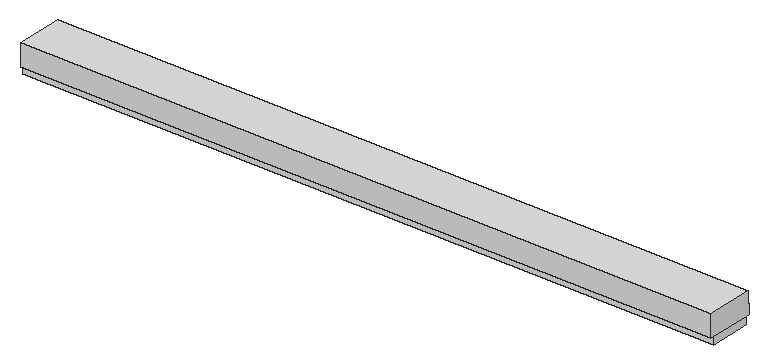
Revit family "Lighting-WallMount-Amerlux-Linea 1.5 ", category Lighting Fixtures, host Face, Revit 2019
Family settings
  Host = Face
  Round Connector Dimension = Use Diameter
  Part Type = Normal
  Cut with Voids When Loaded = No
  Light Source = Yes
  Shared = No
  Room Calculation Point = No
Parameters (values of type "Linea 1.5" Wall Mount")
  Width = 0' - 1 1/2"
  Wattage = 9.2903 W
  built-in parameter 1150110 = 1 (stored number, unit not read)
  Voltage = 0 V
  URL = "http://www.amerlux.com/"
  built-in parameter 1114217 = 1 (stored number, unit not read)
  Tilt Angle = -90.00°
  built-in parameter 1150109 = 1 (stored number, unit not read)
  built-in parameter 1150134 = 3
  built-in parameter 1150113 = 1 (stored number, unit not read)
  Power Factor = 1
  Photometric Web File = "Load File"
  Number of Poles = 1
  built-in parameter 1150142 = (empty or 0)
  Model = "Linea 1.5\" Wall Mount"
  Manufacturer = "Amerlux"
  built-in parameter 1150105 = 109.82 (stored number, unit not read)
  Lumens = 1380 lm
  built-in parameter 1150115 = 1 (stored number, unit not read)
  built-in parameter 1150137 = (empty or 0)
  built-in parameter 1150139 = (empty or 0)
  Length = 4' - 0"
  built-in parameter 1150112 = 1 (stored number, unit not read)
  built-in parameter 1150114 = 1 (stored number, unit not read)
  built-in parameter 1150132 = (empty or 0)
  built-in parameter 1150102 = (empty or 0)
  built-in parameter 1150107 = 3200 (stored number, unit not read)
  built-in parameter 1150138 = (empty or 0)
  built-in parameter 1150106 = 1.0982 (stored number, unit not read)
  Height = 0' - 3 1/4"
  Fixture Finish = Aluminum Finish
  Emit from Line Length = Length  # 4' - 0"
  built-in parameter 1150104 = 13.8 (stored number, unit not read)
  Dimming Lamp Color Temperature Shift = <None>
  Description = "Linear Direct LED"
  Default Elevation = 4' - 0"
  Color Filter = 16777215
  built-in parameter 1114218 = 1 (stored number, unit not read)
  built-in parameter 1150133 = 10 (stored number, unit not read)
  Apparent Load = 0 VA
Reference planes (in)
  plane 1 "Center (Front/Back)": y = 0
  plane 2: z = 0
  plane 3 "Center (Left/Right)": x = 0
  plane 4: y = -1.625
  plane 5: y = 1.625
  plane 6: z = 0
  plane 7: x = -24
  plane 8: x = 24
  plane 9: z = 2
  plane 10: z = 0.5
Forms (in)
  Extrusion 1, solid, material "Aluminum Finish" <- "Fixture Finish"
    sketch origin (0, 1.75, 1.84375) x (0, 0, 1) y (0, -1, 0)
      loop
        line (0.15625, 3.375) -> (-1.34375, 3.375) -> (-1.34375, 0.125) -> (0.15625, 0.125) -> (0.15625, 3.375)
    from -24 to 24
  Extrusion 2, solid, material "Aluminum Finish"
    sketch origin (0, 0, -1.1875) x (0, 1, 0) y (0, 0, 1)
      loop
        line (-1.375, 1.6875) -> (-1.375, 1.1875) -> (1.4168, 1.1875) -> (1.4168, 1.6875) -> (-1.375, 1.6875)
    from -24 to 24
Dimensions and locks (in)
  plane 6 to host face = 0' - 0"
  equal spacing: plane 5, plane 1 "Center (Front/Back)", plane 4
  "Height": plane 5 to plane 4
  equal spacing: plane 7, plane 3 "Center (Left/Right)", plane 8
  "Length": plane 7 to plane 8
  plane 10 to host face = 0' - 0 1/2"
  aligned and locked: plane 2 to host face
  aligned and locked: level to host face
  aligned and locked: Extrusion 1 to plane 7
  aligned and locked: plane 8 to Extrusion 1
  aligned and locked: Extrusion 1 to Extrusion 2  (x3)
  aligned and locked: Extrusion 1 to plane 4
Automatic sketch dimensions
  host sketch curve to host sketch curve = 8' - 0"  (x2)
  Extrusion 2 sketch curve to level = 0' - 0"
  plane 4 to Extrusion 2 sketch curve = 0' - 0 1/4"
  Extrusion 2 sketch curve to plane 5 = 0' - 0.2082"
  Extrusion 1 sketch curve to plane 5 = 0' - 0"
  Extrusion 1 sketch curve to plane 9 = 0' - 0"
  Extrusion 1 sketch curve to plane 4 = 0' - 0"
  Extrusion 1 sketch curve to plane 10 = 0' - 0"
  Extrusion 2 sketch curve to plane 10 = 0' - 0"
Connectors (in)
  electrical at (24, 0, 1.25), driven by "Number of Poles", driven by "Voltage", driven by "Apparent Load", driven by "Power Factor"
    settings: on Extrusion 1, index 1, voltage 0 V, apparent load 0 VA, apparent load phase1 0 VA, apparent load phase2 0 VA, apparent load phase3 0 VA, power factor 1, load classification "Other", number of poles 1, system type 31, power factor state 1, is connector primary yes, connector utility no, sub classification motor no, connector description "Power"
